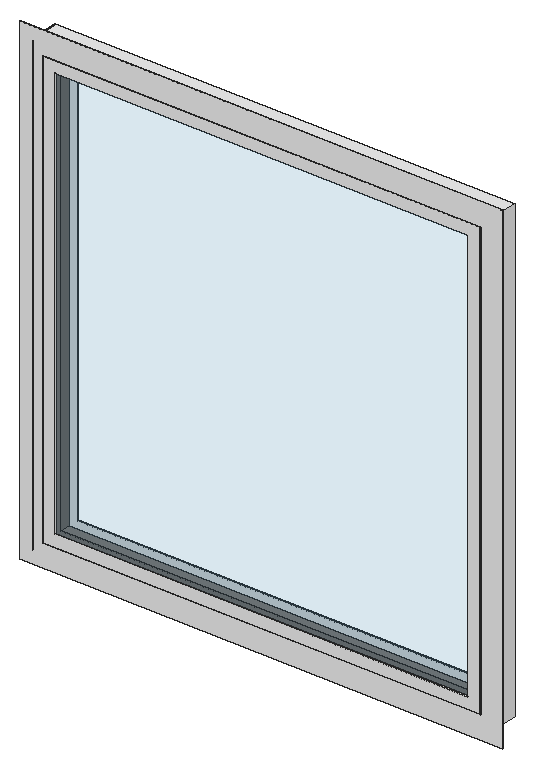
Revit family "Casement_30.5_H_Top_Hung_Standard", category Windows, host Wall, Revit 2014
Parameters (values of type "Casement_Sash_DG")
  Width Sash [instance] = 30 mm
  Width Sash Inner = 15 mm
  Width Bead = 15 mm
  Top Hung [instance] = yes
  Side Hung Right [instance] = yes
  Side Hung Left [instance] = yes
  Sash Opening Width [instance] = 600 mm
  Sash Opening Height [instance] = 600.312 mm
  Sash Lip = 15 mm
  Glazing Material [instance] = Glass
  DG Start Piece 2 [instance] = DG End Piece 1 + DG Gasket Thickness  # 25 mm
  DG Start Peice 1 [instance] = (Depth Sash - (2 * DG Glazing Thickness) - DG Gasket Thickness) / 2  # 6.6 mm
  Glazing Offset = 5 mm
  DG Glazing Thickness [instance] = 6.4 mm
  DG Gasket Thickness = 12 mm  # constant formula
  DG Gasket Material [instance] = Double Glazing Gasket Material
  DG End Piece 2 [instance] = DG Start Piece 2 + DG Glazing Thickness  # 31.4 mm
  DG End Piece 1 [instance] = DG Start Peice 1 + DG Glazing Thickness  # 13 mm
  Depth Sash [instance] = 38 mm
  Center Vertical Sash [instance] = Sash Opening Height / 2  # 300.156 mm
  Center Horizontal Sash [instance] = Sash Opening Width / 2  # 300 mm
  Bottom Hung [instance] = yes
  Bead Offset = 15 mm
  Aluminium Thickness = 1 mm
  Aluminium Material [instance] = White Powder Coated Aluminium
Reference planes
  plane 1 "Center (Front/Back)": y = 0
  plane 2: z = 0
  plane 3 "Center (Left/Right)": x = 0
Forms (mm)
  Sweep 1, solid, material "White Powder Coated Aluminium" <- "Aluminium Material"
    path origin (16.177, 0, 121.331) x (1, 0, 0) y (0, 0, 1)
      loop
        line (0, 0) -> (600, 0) -> (600, 600.312) -> (0, 600.312) -> (0, 0)
    profile origin (316.177, 0, 121.331) x (0, 0, 1) y (0, -1, 0)
      loop
        line (0, 0) -> (30, 0) -> (30, 1) -> (15, 1) -> (15, 38) -> (-15, 38) -> (-15, 37) -> (0, 37) -> (0, 0)
      loop
        line (14, 1) -> (14, 37) -> (1, 37) -> (1, 1) -> (14, 1)
  Sweep 2, solid, material "White Powder Coated Aluminium" <- "Aluminium Material"
    path origin (0, 0, 0) x (1, 0, 0) y (0, 0, 1)
      loop
        line (31.177, 706.643) -> (31.177, 136.331) -> (601.177, 136.331) -> (601.177, 706.643) -> (31.177, 706.643)
    profile origin (316.177, 0, 706.643) x (0, 0, 1) y (0, -1, 0)
      loop
        line (0, 37) -> (0, 38) -> (-15, 38) -> (-15, 37) -> (0, 37)
  Extrusion 3, solid, material "Glass" <- "Glazing Material"
    sketch origin (0, 0, 0) x (1, 0, 0) y (0, 0, 1)
      loop
        line (36.177, 701.643) -> (36.177, 141.331) -> (596.177, 141.331) -> (596.177, 701.643) -> (36.177, 701.643)
    from 6.6 <- "DG Start Peice 1" to 13 <- "DG End Piece 1"
  Extrusion 4, solid, material "Glass" <- "Glazing Material"
    sketch origin (0, 0, 0) x (1, 0, 0) y (0, 0, 1)
      loop
        line (36.177, 701.643) -> (36.177, 141.331) -> (596.177, 141.331) -> (596.177, 701.643) -> (36.177, 701.643)
    from 31.4 <- "DG End Piece 2" to 25 <- "DG Start Piece 2"
  Sweep 5, solid, material "Double Glazing Gasket Material" <- "DG Gasket Material"
    path origin (0, -13, 0) x (1, 0, 0) y (0, 0, 1)
      loop
        line (36.177, 701.643) -> (36.177, 141.331) -> (596.177, 141.331) -> (596.177, 701.643) -> (36.177, 701.643)
    profile origin (316.177, -13, 701.643) x (0, 0, 1) y (0, -1, 0)
      loop
        line (0, 0) -> (0, 12) -> (-7.96, 12) -> (-7.96, 0) -> (0, 0)
Lines and regions (mm)
  model lines
    curve 1: line (1.177, -38, 736.643) -> (31.177, -38, 706.643)
    curve 2: line (601.177, -38, 706.643) -> (631.177, -38, 736.643)
    curve 3: line (601.177, -38, 136.331) -> (631.177, -38, 106.331)
    curve 4: line (1.177, -38, 106.331) -> (31.177, -38, 136.331)
    curve 5: line (631.177, -37, 736.643) -> (616.177, -37, 721.643)
    curve 6: line (1.177, -37, 736.643) -> (16.177, -37, 721.643)
    curve 7: line (1.177, -37, 106.331) -> (16.177, -37, 121.331)
    curve 8: line (631.177, -37, 106.331) -> (616.177, -37, 121.331)
    curve 9: line (616.177, 0, 121.331) -> (586.177, 0, 151.331)
    curve 10: line (46.177, 0, 151.331) -> (16.177, 0, 121.331)
    curve 11: line (616.177, 0, 721.643) -> (586.177, 0, 691.643)
    curve 12: line (46.177, 0, 691.643) -> (16.177, 0, 721.643)
    curve 13: line (31.177, -38, 691.643) -> (46.177, -38, 691.643)
    curve 14: line (586.177, -38, 691.643) -> (601.177, -38, 691.643)
    curve 15: line (586.177, -38, 151.331) -> (601.177, -38, 151.331)
    curve 16: line (31.177, -38, 151.331) -> (46.177, -38, 151.331)
  model lines, style "GenericModelHiddenLines", visible <- "Top Hung"
    curve 17: line (46.386, -31.4, 690.914) -> (316.177, -31.4, 151.331)
    curve 18: line (316.177, -31.4, 151.331) -> (586.177, -31.4, 691.331)
  model lines, style "GenericModelHiddenLines", visible <- "Bottom Hung"
    curve 19: line (46.177, -31.4, 151.331) -> (316.177, -31.4, 691.331)
    curve 20: line (316.177, -31.4, 691.331) -> (586.177, -31.4, 151.331)
  model lines, style "GenericModelHiddenLines", visible <- "Side Hung Left"
    curve 21: line (46.386, -31.4, 690.914) -> (585.24, -31.4, 421.487)
    curve 22: line (585.24, -31.4, 421.487) -> (46.177, -31.4, 151.331)
  model lines, style "GenericModelHiddenLines", visible <- "Side Hung Right"
    curve 23: line (586.177, -31.4, 691.331) -> (46.177, -31.4, 421.487)
    curve 24: line (46.177, -31.4, 421.487) -> (586.177, -31.4, 151.331)
Dimensions and locks
  "Aluminium Thickness": Sweep 1 sketch curve to Sweep 1 sketch curve  (x4)
  "Depth Sash": Sweep 1 sketch curve to Sweep 1 sketch curve
  "Sash Opening Width": Sweep 1 to Sweep 1
  "Sash Opening Height": Sweep 1 to Sweep 1
  "Width Sash": Sweep 1 sketch curve to Sweep 1 sketch curve  (x2)
  "Width Sash Inner": Sweep 1 sketch curve to Sweep 1 sketch curve
  "Sash Lip": Sweep 1 sketch curve to Sweep 1 sketch curve
  "Aluminium Thickness": Sweep 1 to Sweep 2 sketch curve
  "Glazing Offset": Sweep 2 to Extrusion 3 sketch curve  (x3)
  "Glazing Offset": Extrusion 3 sketch curve to Sweep 2
  Sweep 1 to Sweep 1 = 1 mm
  "Aluminium Thickness": Sweep 2 sketch curve to Sweep 2 sketch curve
  "Width Bead": Sweep 2 sketch curve to Sweep 2 sketch curve
  locked: Sweep 5 sketch curve to Sweep 5 sketch curve at 7.96
  "Center Horizontal Sash": Sweep 1 to curve 18
  "Center Horizontal Sash": Sweep 1 to curve 20
  "Center Vertical Sash": Sweep 1 to curve 22
  "Center Vertical Sash": Sweep 1 to curve 24
  aligned and locked: level to plane 2
  aligned and locked: Sweep 1 sketch curve to Sweep 1 sketch curve  (x2)
  aligned and locked: Sweep 2 sketch curve to Sweep 1  (x5)
  aligned and locked: Extrusion 4 sketch curve to Extrusion 3  (x4)
  aligned and locked: Sweep 5 sketch curve to Extrusion 3  (x5)
  aligned and locked: Extrusion 3 to Sweep 5 sketch curve
Automatic sketch dimensions
  plane 3 "Center (Left/Right)" to Sweep 1 sketch curve = 16.177 mm
  level to Sweep 1 sketch curve = 121.331 mm
  plane 3 "Center (Left/Right)" to Sweep 1 sketch curve = 616.177 mm
  level to Sweep 1 sketch curve = 721.643 mm
  profile plane to Sweep 5 sketch curve = 12 mm
  curve 7 to Sweep 1 = 0 mm  (x4)
  curve 6 to Sweep 1 = 0 mm  (x3)
  Sweep 1 to curve 6 = 0 mm
  curve 5 to Sweep 1 = 0 mm  (x3)
  curve 8 to Sweep 1 = 0 mm  (x4)
  Sweep 1 to curve 5 = 0 mm
  curve 16 to Sweep 2 = 0 mm  (x3)
  curve 13 to Sweep 2 = 0 mm  (x3)
  curve 15 to Sweep 2 = 0 mm
  Sweep 2 to curve 15 = 0 mm  (x2)
  curve 14 to Sweep 2 = 0 mm  (x2)
  Sweep 2 to curve 14 = 0 mm
  curve 1 to Sweep 1 = 0 mm  (x4)
  curve 4 to Sweep 1 = 0 mm  (x3)
  Sweep 1 to curve 4 = 0 mm
  curve 3 to Sweep 1 = 0 mm  (x3)
  curve 2 to Sweep 1 = 0 mm  (x4)
  Sweep 1 to curve 3 = 0 mm
  curve 10 to Sweep 1 = 0 mm  (x4)
  curve 12 to Sweep 1 = 0 mm  (x3)
  Sweep 1 to curve 12 = 0 mm
  curve 9 to Sweep 1 = 0 mm  (x4)
  curve 11 to Sweep 1 = 0 mm  (x3)
  Sweep 1 to curve 11 = 0 mm
  Sweep 1 sketch curve to plane 1 "Center (Front/Back)" = 0 mm
  profile plane to Sweep 1 sketch curve = 0 mm
  curve 21 to Extrusion 4 = 10.208 mm
  curve 19 to Extrusion 4 = 10 mm
  curve 23 to Extrusion 4 = 10 mm  (x2)
  curve 22 to Extrusion 4 = 10.937 mm
  curve 20 to Extrusion 4 = 10 mm
  curve 24 to Extrusion 4 = 10 mm
  curve 22 to Extrusion 4 = 10 mm
  curve 18 to Extrusion 4 = 10 mm
  curve 21 to Extrusion 4 = 10.729 mm
  curve 19 to Extrusion 4 = 10.312 mm
  curve 18 to Extrusion 4 = 10.312 mm
Types in the file's own list only (12): name | Windload Design | Width Sash Opening | Width Sash 2 | Width Sash 1 | Width Profile | Width Panel 3 | Width Panel 2 | Width Panel 1 | Width | URL | Max System DG Unit Thickness | Max System DG One Piece Thickness | Max Pane Area | Intruderprufe U Value | Intruderprufe SHGC Value | Intruderprufe LowE U Value | Intruderprufe LowE SHGC Value | Height | Energy Advantage U Value | Energy Advantage SHGC Value | DG Thickness Calc | DG Thickness | Custom Window Width | Custom Window Height | Custom Windload | Sash Width | Custom Sash Bottom Height | Custom Sash Top Height | Sash Spacing Inner | Sash Overlap | Sash Center Offset | SG Gasket Thickness | Offset Window Exterior | Offset Sash Left | Offset Sash 2 Top | Offset Sash 1 Top | Offset Panel 4 Left | Offset Panel 3 Bead Top | Offset Mullion Left | Offset Transom 2 Top | Offset Transom 1 Top | Offset Bead SG Center Reversed | Model | Manufacturer | Limit Window Width Min | Limit Window Width Max | Limit Window Height Min | Limit Window Height Max | Limit Sash Width Min | Limit Sash Width Max | Limit Sash Height Min | Limit Sash Height Max | Limit Fixed Pane Height Min | Limit Fixed Pane Height Max | Length Transom | Height Sash 2 Opening | Height Sash 2 | Height Sash 1 Opening | Height Sash 1 | Height Panel 3 | Height Panel 2 | Height Panel 1 | Double Glazing | Description | Frame Center Offset | Depth Bead | Default Sill Height | Wall Closure | DG Gasket Finish | DG Extrusion Start | Window Exterior Offset | Clearvue U Value | Clearvue SHGC Value | Casement Dimension | Bottom Hung | Bead SG Gap | Area Pane Top | Area Pane Middle | Area Pane Bottom
  305-0615DT-1000Pa | 1000 mm | 544 mm | 514 mm | 514 mm | 30 mm | 530 mm | 530 mm | 530 mm | 590 mm | "http://www.crealco.co.za/crealco-products.php" | 18 mm | 3 mm | 0.23 m² | 6.04 | 0.5 | 4.85 | 0.447 | 1490 mm | 4.96 | 0.473 | 3 mm | 3 mm | 590 mm | 1490 mm | 1000 mm | 544 mm | 554 mm | 554 mm | 8 mm | 7 mm | 12 mm | 6 mm | 15 mm | 23 mm | 593 mm | 23 mm | 589 mm | 1170 mm | 559 mm | 1140 mm | 570 mm | 15 mm | "Casement 30.5" | "Crealco" | 346 mm | 1046 mm | 1400 mm | 3000 mm | 300 mm | 1000 mm | 300 mm | 750 mm | 200 mm | 1800 mm | 530 mm | 554 mm | 524 mm | 554 mm | 524 mm | 290 mm | 540 mm | 540 mm | No | "Window 30.5mm, Type H top hung" | 15 mm | 17 mm | 800 mm | By host | Double Glazing Gasket Material | 5 mm | 0 mm | 6.18 | 0.572 | 31 mm | No | 13 mm | 0.23 m² | 0.23 m² | 0.15 m²
  305-0915DT-1000Pa | 1000 mm | 844 mm | 814 mm | 814 mm | 30 mm | 830 mm | 830 mm | 830 mm | 890 mm | "http://www.crealco.co.za/crealco-products.php" | 18 mm | 3 mm | 0.37 m² | 6 | 0.546 | 4.67 | 0.487 | 1490 mm | 4.78 | 0.516 | 3 mm | 3 mm | 890 mm | 1490 mm | 1000 mm | 844 mm | 554 mm | 554 mm | 8 mm | 7 mm | 12 mm | 6 mm | 15 mm | 23 mm | 593 mm | 23 mm | 889 mm | 1170 mm | 859 mm | 1140 mm | 570 mm | 15 mm | "Casement 30.5" | "Crealco" | 346 mm | 1046 mm | 1400 mm | 3000 mm | 300 mm | 1000 mm | 300 mm | 750 mm | 200 mm | 1800 mm | 830 mm | 554 mm | 524 mm | 554 mm | 524 mm | 290 mm | 540 mm | 540 mm | No | "Window 30.5mm, Type H top hung" | 15 mm | 17 mm | 800 mm | By host | Double Glazing Gasket Material | 5 mm | 0 mm | 6.15 | 0.576 | 31 mm | No | 13 mm | 0.37 m² | 0.37 m² | 0.23 m²
  305-0618DT-1000Pa | 1000 mm | 544 mm | 514 mm | 514 mm | 30 mm | 530 mm | 530 mm | 530 mm | 590 mm | "http://www.crealco.co.za/crealco-products.php" | 18 mm | 3 mm | 0.30 m² | 6.01 | 0.529 | 4.73 | 0.472 | 1790 mm | 4.84 | 0.5 | 3 mm | 3 mm | 590 mm | 1790 mm | 1000 mm | 544 mm | 554 mm | 554 mm | 8 mm | 7 mm | 12 mm | 6 mm | 15 mm | 23 mm | 593 mm | 23 mm | 589 mm | 1170 mm | 559 mm | 1140 mm | 570 mm | 15 mm | "Casement 30.5" | "Crealco" | 346 mm | 1046 mm | 1400 mm | 3000 mm | 300 mm | 1000 mm | 300 mm | 750 mm | 200 mm | 1800 mm | 530 mm | 554 mm | 524 mm | 554 mm | 524 mm | 590 mm | 540 mm | 540 mm | No | "Window 30.5mm, Type H top hung" | 15 mm | 17 mm | 800 mm | By host | Double Glazing Gasket Material | 5 mm | 0 mm | 6.15 | 0.557 | 31 mm | No | 13 mm | 0.23 m² | 0.23 m² | 0.30 m²
  305-0918DT-1000Pa | 1000 mm | 844 mm | 814 mm | 814 mm | 30 mm | 830 mm | 830 mm | 830 mm | 890 mm | "http://www.crealco.co.za/crealco-products.php" | 18 mm | 3 mm | 0.48 m² | 5.97 | 5.75 | 4.55 | 0.511 | 1790 mm | 4.66 | 0.543 | 3 mm | 3 mm | 890 mm | 1790 mm | 1000 mm | 844 mm | 554 mm | 554 mm | 8 mm | 7 mm | 12 mm | 6 mm | 15 mm | 23 mm | 593 mm | 23 mm | 889 mm | 1170 mm | 859 mm | 1140 mm | 570 mm | 15 mm | "Casement 30.5" | "Crealco" | 346 mm | 1046 mm | 1400 mm | 3000 mm | 300 mm | 1000 mm | 300 mm | 750 mm | 200 mm | 1800 mm | 830 mm | 554 mm | 524 mm | 554 mm | 524 mm | 590 mm | 540 mm | 540 mm | No | "Window 30.5mm, Type H top hung" | 15 mm | 17 mm | 800 mm | By host | Double Glazing Gasket Material | 5 mm | 0 mm | 6.11 | 0.606 | 31 mm | No | 13 mm | 0.37 m² | 0.37 m² | 0.48 m²
  305-0615DT-1500Pa | 1500 mm | 544 mm | 514 mm | 514 mm | 30 mm | 530 mm | 530 mm | 530 mm | 590 mm | "http://www.crealco.co.za/crealco-products.php" | 18 mm | 3 mm | 0.23 m² | 6.04 | 0.5 | 4.85 | 0.447 | 1490 mm | 4.96 | 0.473 | 3 mm | 3 mm | 590 mm | 1490 mm | 1500 mm | 544 mm | 554 mm | 554 mm | 8 mm | 7 mm | 12 mm | 6 mm | 15 mm | 23 mm | 593 mm | 23 mm | 589 mm | 1170 mm | 559 mm | 1140 mm | 570 mm | 15 mm | "Casement 30.5" | "Crealco" | 346 mm | 1046 mm | 1400 mm | 3000 mm | 300 mm | 1000 mm | 300 mm | 750 mm | 200 mm | 1800 mm | 530 mm | 554 mm | 524 mm | 554 mm | 524 mm | 290 mm | 540 mm | 540 mm | No | "Window 30.5mm, Type H top hung" | 15 mm | 17 mm | 800 mm | By host | Double Glazing Gasket Material | 5 mm | 0 mm | 6.18 | 0.572 | 31 mm | No | 13 mm | 0.23 m² | 0.23 m² | 0.15 m²
  305-0615DT-2000Pa | 2000 mm | 544 mm | 514 mm | 514 mm | 30 mm | 530 mm | 530 mm | 530 mm | 590 mm | "http://www.crealco.co.za/crealco-products.php" | 18 mm | 3 mm | 0.23 m² | 6.04 | 0.5 | 4.85 | 0.447 | 1490 mm | 4.96 | 0.473 | 3 mm | 3 mm | 590 mm | 1490 mm | 2000 mm | 544 mm | 554 mm | 554 mm | 8 mm | 7 mm | 12 mm | 6 mm | 15 mm | 23 mm | 593 mm | 23 mm | 589 mm | 1170 mm | 559 mm | 1140 mm | 570 mm | 15 mm | "Casement 30.5" | "Crealco" | 346 mm | 1046 mm | 1400 mm | 3000 mm | 300 mm | 1000 mm | 300 mm | 750 mm | 200 mm | 1800 mm | 530 mm | 554 mm | 524 mm | 554 mm | 524 mm | 290 mm | 540 mm | 540 mm | No | "Window 30.5mm, Type H top hung" | 15 mm | 17 mm | 800 mm | By host | Double Glazing Gasket Material | 5 mm | 0 mm | 6.18 | 0.572 | 31 mm | No | 13 mm | 0.23 m² | 0.23 m² | 0.15 m²
  305-0618DT-1500Pa | 1500 mm | 544 mm | 514 mm | 514 mm | 30 mm | 530 mm | 530 mm | 530 mm | 590 mm | "http://www.crealco.co.za/crealco-products.php" | 18 mm | 3 mm | 0.30 m² | 6.01 | 0.529 | 4.73 | 0.472 | 1790 mm | 4.84 | 0.5 | 3 mm | 3 mm | 590 mm | 1790 mm | 1500 mm | 544 mm | 554 mm | 554 mm | 8 mm | 7 mm | 12 mm | 6 mm | 15 mm | 23 mm | 593 mm | 23 mm | 589 mm | 1170 mm | 559 mm | 1140 mm | 570 mm | 15 mm | "Casement 30.5" | "Crealco" | 346 mm | 1046 mm | 1400 mm | 3000 mm | 300 mm | 1000 mm | 300 mm | 750 mm | 200 mm | 1800 mm | 530 mm | 554 mm | 524 mm | 554 mm | 524 mm | 590 mm | 540 mm | 540 mm | No | "Window 30.5mm, Type H top hung" | 15 mm | 17 mm | 800 mm | By host | Double Glazing Gasket Material | 5 mm | 0 mm | 6.15 | 0.557 | 31 mm | No | 13 mm | 0.23 m² | 0.23 m² | 0.30 m²
  305-0618DT-2000Pa | 2000 mm | 544 mm | 514 mm | 514 mm | 30 mm | 530 mm | 530 mm | 530 mm | 590 mm | "http://www.crealco.co.za/crealco-products.php" | 18 mm | 3 mm | 0.30 m² | 6.01 | 0.529 | 4.73 | 0.472 | 1790 mm | 4.84 | 0.5 | 3 mm | 3 mm | 590 mm | 1790 mm | 2000 mm | 544 mm | 554 mm | 554 mm | 8 mm | 7 mm | 12 mm | 6 mm | 15 mm | 23 mm | 593 mm | 23 mm | 589 mm | 1170 mm | 559 mm | 1140 mm | 570 mm | 15 mm | "Casement 30.5" | "Crealco" | 346 mm | 1046 mm | 1400 mm | 3000 mm | 300 mm | 1000 mm | 300 mm | 750 mm | 200 mm | 1800 mm | 530 mm | 554 mm | 524 mm | 554 mm | 524 mm | 590 mm | 540 mm | 540 mm | No | "Window 30.5mm, Type H top hung" | 15 mm | 17 mm | 800 mm | By host | Double Glazing Gasket Material | 5 mm | 0 mm | 6.15 | 0.557 | 31 mm | No | 13 mm | 0.23 m² | 0.23 m² | 0.30 m²
  305-0915DT-1500Pa | 1500 mm | 844 mm | 814 mm | 814 mm | 30 mm | 830 mm | 830 mm | 830 mm | 890 mm | "http://www.crealco.co.za/crealco-products.php" | 18 mm | 3 mm | 0.37 m² | 6 | 0.546 | 4.67 | 0.487 | 1490 mm | 4.78 | 0.516 | 3 mm | 3 mm | 890 mm | 1490 mm | 1500 mm | 844 mm | 554 mm | 554 mm | 8 mm | 7 mm | 12 mm | 6 mm | 15 mm | 23 mm | 593 mm | 23 mm | 889 mm | 1170 mm | 859 mm | 1140 mm | 570 mm | 15 mm | "Casement 30.5" | "Crealco" | 346 mm | 1046 mm | 1400 mm | 3000 mm | 300 mm | 1000 mm | 300 mm | 750 mm | 200 mm | 1800 mm | 830 mm | 554 mm | 524 mm | 554 mm | 524 mm | 290 mm | 540 mm | 540 mm | No | "Window 30.5mm, Type H top hung" | 15 mm | 17 mm | 800 mm | By host | Double Glazing Gasket Material | 5 mm | 0 mm | 6.15 | 0.576 | 31 mm | No | 13 mm | 0.37 m² | 0.37 m² | 0.23 m²
  305-0915DT-2000Pa | 2000 mm | 844 mm | 814 mm | 814 mm | 30 mm | 830 mm | 830 mm | 830 mm | 890 mm | "http://www.crealco.co.za/crealco-products.php" | 18 mm | 3 mm | 0.37 m² | 6 | 0.546 | 4.67 | 0.487 | 1490 mm | 4.78 | 0.516 | 3 mm | 3 mm | 890 mm | 1490 mm | 2000 mm | 844 mm | 554 mm | 554 mm | 8 mm | 7 mm | 12 mm | 6 mm | 15 mm | 23 mm | 593 mm | 23 mm | 889 mm | 1170 mm | 859 mm | 1140 mm | 570 mm | 15 mm | "Casement 30.5" | "Crealco" | 346 mm | 1046 mm | 1400 mm | 3000 mm | 300 mm | 1000 mm | 300 mm | 750 mm | 200 mm | 1800 mm | 830 mm | 554 mm | 524 mm | 554 mm | 524 mm | 290 mm | 540 mm | 540 mm | No | "Window 30.5mm, Type H top hung" | 15 mm | 17 mm | 800 mm | By host | Double Glazing Gasket Material | 5 mm | 0 mm | 6.15 | 0.576 | 31 mm | No | 13 mm | 0.37 m² | 0.37 m² | 0.23 m²
  305-0918DT-1500Pa | 1500 mm | 844 mm | 814 mm | 814 mm | 30 mm | 830 mm | 830 mm | 830 mm | 890 mm | "http://www.crealco.co.za/crealco-products.php" | 18 mm | 3 mm | 0.48 m² | 5.97 | 5.75 | 4.55 | 0.511 | 1790 mm | 4.66 | 0.543 | 3 mm | 3 mm | 890 mm | 1790 mm | 1500 mm | 844 mm | 554 mm | 554 mm | 8 mm | 7 mm | 12 mm | 6 mm | 15 mm | 23 mm | 593 mm | 23 mm | 889 mm | 1170 mm | 859 mm | 1140 mm | 570 mm | 15 mm | "Casement 30.5" | "Crealco" | 346 mm | 1046 mm | 1400 mm | 3000 mm | 300 mm | 1000 mm | 300 mm | 750 mm | 200 mm | 1800 mm | 830 mm | 554 mm | 524 mm | 554 mm | 524 mm | 590 mm | 540 mm | 540 mm | No | "Window 30.5mm, Type H top hung" | 15 mm | 17 mm | 800 mm | By host | Double Glazing Gasket Material | 5 mm | 0 mm | 6.11 | 0.606 | 31 mm | No | 13 mm | 0.37 m² | 0.37 m² | 0.48 m²
  305-0918DT-2000Pa | 2000 mm | 844 mm | 814 mm | 814 mm | 30 mm | 830 mm | 830 mm | 830 mm | 890 mm | "http://www.crealco.co.za/crealco-products.php" | 18 mm | 3 mm | 0.48 m² | 5.97 | 5.75 | 4.55 | 0.511 | 1790 mm | 4.66 | 0.543 | 3 mm | 3 mm | 890 mm | 1790 mm | 2000 mm | 844 mm | 554 mm | 554 mm | 8 mm | 7 mm | 12 mm | 6 mm | 15 mm | 23 mm | 593 mm | 23 mm | 889 mm | 1170 mm | 859 mm | 1140 mm | 570 mm | 15 mm | "Casement 30.5" | "Crealco" | 346 mm | 1046 mm | 1400 mm | 3000 mm | 300 mm | 1000 mm | 300 mm | 750 mm | 200 mm | 1800 mm | 830 mm | 554 mm | 524 mm | 554 mm | 524 mm | 590 mm | 540 mm | 540 mm | No | "Window 30.5mm, Type H top hung" | 15 mm | 17 mm | 800 mm | By host | Double Glazing Gasket Material | 5 mm | 0 mm | 6.11 | 0.606 | 31 mm | No | 13 mm | 0.37 m² | 0.37 m² | 0.48 m²
